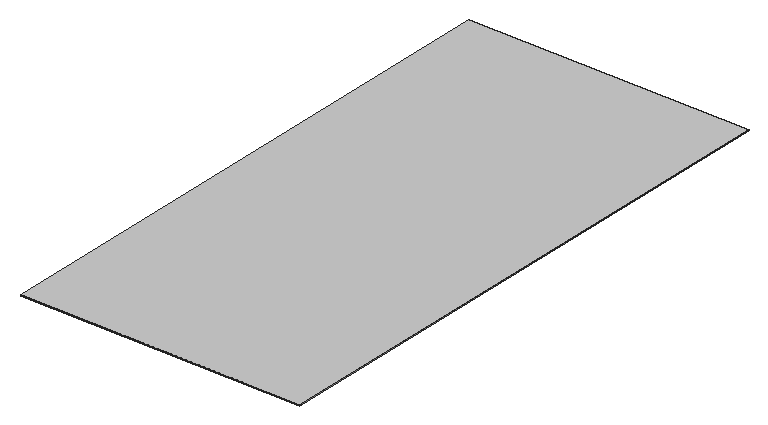
Revit family "SURE-BOARD-SERIES200W", category Generic Models, host Face, Revit 2026
Family settings
  Host = Face
  Can host rebar = No
  Round Connector Dimension = Use Diameter
  Part Type = Normal
  Cut with Voids When Loaded = No
  Maintain Annotation Orientation = No
  Shared = No
  Room Calculation Point = No
Parameters (values of type "SureBoard200W")
  Width = 4' - 0"
  URL = "http://www.cemcosteel.com/steel-framing/sureboard-shear/sure-board%C2%AE-series-200w-wood-framing"
  SteelSheetThickness = 0' - 0 1/64"
  Product Submittal Link = "https://cemcosteel.com/app/uploads/2020/03/Sure_Board-Series-200W.pdf"
  Product Info = "Sure-Board® Series 200W for Wood Framing"
  Manufacturer = "California  Expanded Metal Lath Products Co. (CEMCO)"
  Keynote = "054000"
  Height [instance] = 8' - 0"
  Wallboard Thickness = 0' - 0 1/8"
  Description = "Sure-Board® Series 200W for Wood Framed Walls"
  Default Elevation = 4' - 0"
  Assembly Code = "B1010220"
Reference planes (in)
  plane 1 "Center (Front/Back)": y = 0
  plane 2: z = 0
  plane 3 "Center (Left/Right)": x = 0
  plane 4: z = 0.01563
  plane 5: z = 0.14063
  plane 6: x = -48
  plane 7: y = 96
Forms (in)
  Extrusion 1, solid, material "22Ga. Sheet Steel"
    sketch origin (0, 0, 0) x (1, 0, 0) y (0, 1, 0)
      loop
        line (-48, 96) -> (-48, 0) -> (0, 0) -> (0, 96) -> (-48, 96)
    from 0 to 0.01563
  Extrusion 2, solid, material "Wallboard"
    sketch origin (0, 0, 0) x (1, 0, 0) y (0, 1, 0)
      loop
        line (-48, 96) -> (-48, 0) -> (0, 0) -> (0, 96) -> (-48, 96)
    from 0.01563 to 0.14063
Dimensions and locks (in)
  "SteelSheetThickness": plane 4 to level
  "Wallboard Thickness": plane 5 to plane 4
  "Height": plane 1 "Center (Front/Back)" to plane 7
  "Width": plane 6 to plane 3 "Center (Left/Right)"
  aligned and locked: plane 2 to host face
  aligned and locked: level to host face
  aligned and locked: Extrusion 1 sketch curve to plane 3 "Center (Left/Right)"
  aligned and locked: Extrusion 1 sketch curve to plane 1 "Center (Front/Back)"
  aligned and locked: plane 4 to Extrusion 1
  aligned and locked: Extrusion 2 to Extrusion 1
  aligned and locked: plane 5 to Extrusion 2
  aligned and locked: Extrusion 1 to plane 6
  aligned and locked: Extrusion 2 to plane 6
  aligned and locked: plane 3 "Center (Left/Right)" to Extrusion 2
  aligned and locked: plane 1 "Center (Front/Back)" to Extrusion 2
  aligned and locked: plane 7 to Extrusion 2
  aligned and locked: plane 7 to Extrusion 1
Automatic sketch dimensions
  host sketch curve to host sketch curve = 8' - 5.46534"
  host sketch curve to host sketch curve = 12' - 6.76118"
  Extrusion 1 sketch curve to plane 3 "Center (Left/Right)" = 4' - 0"
  Extrusion 1 sketch curve to plane 1 "Center (Front/Back)" = 8' - 0"
  Extrusion 2 sketch curve to plane 3 "Center (Left/Right)" = 4' - 0"
  Extrusion 2 sketch curve to plane 1 "Center (Front/Back)" = 0' - 0"
  Extrusion 2 sketch curve to Extrusion 2 sketch curve = 4' - 0"
  Extrusion 2 sketch curve to Extrusion 2 sketch curve = 8' - 0"
